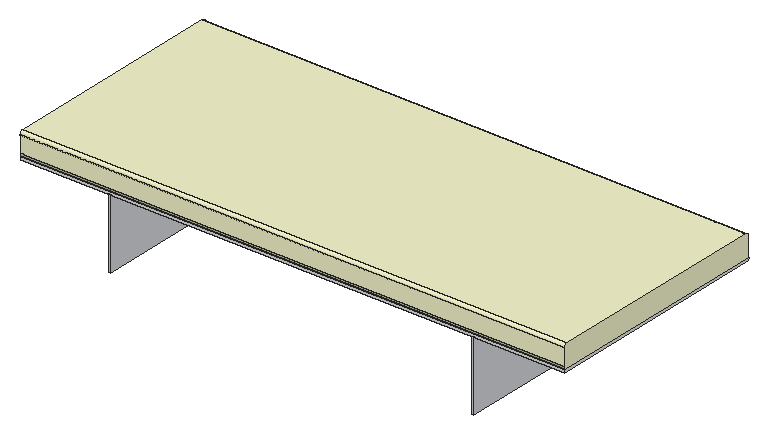
Revit family "Track-LivingDivani", category Furniture, Revit 2014
Parameters (values of type "Profondità 80cm")
  URL = "http://www.livingdivani.it"
  Profondità = 80 cm
  Model = "Track"
  Mat. Tessuto = Linen, Beige
  Mat. Struttura = Steel, Polished
  Manufacturer = "Living Divani"
  Larghezza = 190 cm
  Description = ""
  Codice prodotto = "TRAF190"
  80 = and(Profondità < 81 cm, Profondità > 79 cm)  # yes
  55 = Profondità < 56 cm  # no
  180 = Profondità > 159 cm  # no
Types (3, lengths in cm): name | Profondità | Codice prodotto | 80 | 55 | 180
  Profondità 55cm | 55 | "TRAF055" | no | yes | no
  Profondità 160cm | 160 | "TRAF19016" | no | no | yes
  Profondità 80cm | 80 | "TRAF190" | yes | no | no
Reference planes (cm)
  plane 1: z = 0
  plane 2 "Centro (Sinistra/Destra)": x = 0
  plane 3: x = -95
  plane 4: x = 95
  plane 5: y = -18.5
  plane 6: z = 25
  plane 7 "a": z = 33
  plane 8: y = -98.5
  plane 9: y = -71.8333
  plane 10: y = -85.1667
  plane 11: x = -63.3333
  plane 12: x = -31.6667
  plane 13: y = -45.1667
  plane 14: y = -31.8333
  plane 15: y = -58.5
  plane 16: x = 31.6667
  plane 17: x = 63.3333
Forms (cm)
  Extrusion 1, solid, material "Linen, White", not visible
    sketch origin (0, 0, 0) x (1, 0, 0) y (0, 0, 1)
      loop
        line (-85, 18) -> (-85, 29.1823)
        arc (-85, 29.1823) -> (-80.169, 48.2596) -> (-84.4597, 67.4656) r 42.4528
        arc (-84.4597, 67.4656) -> (-85.5057, 68.8949) -> (-86.9843, 69.8699) r 5
        arc (-86.9843, 69.8699) -> (-93.3299, 70.9774) -> (-99.4999, 69.1268) r 14.0026
        arc (-99.4999, 69.1268) -> (-99.866, 68.7608) -> (-100, 68.2607) r 1
        line (-100, 68.2607) -> (-100, 18) -> (-85, 18)
    from -55 to 28.969
  Extrusion 2, void, not visible
    sketch origin (0, 0, 0) x (1, 0, 0) y (0, 1, 0)
      loop
        line (-78.5519, 33.5519) -> (-78.5519, 56.4969) -> (-100, 56.4969) -> (-100, 55) -> (-78.5519, 33.5519)
    from 0 to 88.2421
  Extrusion 3, solid, material "Linen, White", not visible
    sketch origin (0, 0, 0) x (-1, 0, 0) y (0, 0, -1)
      loop
        line (-85, -18) -> (-100, -18) -> (-100, -68.2607)
        arc (-100, -68.2607) -> (-99.866, -68.7608) -> (-99.4999, -69.1268) r 1
        arc (-99.4999, -69.1268) -> (-93.3299, -70.9774) -> (-86.9843, -69.8699) r 14.0026
        arc (-86.9843, -69.8699) -> (-85.5057, -68.8949) -> (-84.4597, -67.4656) r 5
        arc (-84.4597, -67.4656) -> (-80.169, -48.2596) -> (-85, -29.1823) r 42.4528
        line (-85, -29.1823) -> (-85, -18)
    from -55 to 28.969
  Extrusion 4, void, not visible
    sketch origin (0, 0, 0) x (-1, 0, 0) y (0, -1, 0)
      loop
        line (-78.5519, -33.5519) -> (-100, -55) -> (-100, -56.4969) -> (-78.5519, -56.4969) -> (-78.5519, -33.5519)
    from 0 to 88.2421
  Extrusion 5, solid, material "Steel, Polished" <- "Mat. Struttura", not visible
    sketch origin (-45, 0, 0) x (0, 1, 0) y (0, 0, 1)
      loop
        line (-3.5, 81.1034) -> (-46, 81.1034) -> (-46, 77.1034) -> (-1, 68.1034) -> (-1, 78.6034)
        arc (-1, 78.6034) -> (-1.7322, 80.3712) -> (-3.5, 81.1034) r 2.5
    from 0 to 1
  Extrusion 6, solid, material "Steel, Polished" <- "Mat. Struttura", not visible
    sketch origin (45, 0, 0) x (0, 1, 0) y (0, 0, -1)
      loop
        arc (-3.5, -81.1034) -> (-1.7322, -80.3712) -> (-1, -78.6034) r 2.5
        line (-1, -78.6034) -> (-1, -68.1034) -> (-46, -77.1034) -> (-46, -81.1034) -> (-3.5, -81.1034)
    from 0 to 1
  Extrusion 7, solid, material "Steel, Polished" <- "Mat. Struttura", not visible
    sketch origin (0, 0, 0) x (0, 1, 0) y (0, 0, 1)
      loop
        line (-1, 68.1034) -> (-1, 78.6034)
        arc (-1, 78.6034) -> (-1.7322, 80.3712) -> (-3.5, 81.1034) r 2.5
        line (-3.5, 81.1034) -> (-46, 81.1034) -> (-46, 77.1034) -> (-45.5, 77.0034) -> (-45.5, 80.6034) -> (-3.5, 80.6034)
        arc (-3.5, 80.6034) -> (-2.0858, 80.0176) -> (-1.5, 78.6034) r 2
        line (-1.5, 78.6034) -> (-1.5, 68.2034) -> (-1, 68.1034)
    from -44 to 44
  Extrusion 8, solid, material "Steel, Polished" <- "Mat. Struttura", not visible
    sketch origin (0, 78.6034, 81.6034) x (0, 0, 1) y (0, -1, 0)
      loop
        line (-13.4, 80.1034) -> (-12.9, 80.1034) -> (-8.9777, 99.715) -> (-9.4777, 99.715) -> (-13.4, 80.1034)
    from -44 to 44
  Extrusion 9, solid, material "Steel, Polished" <- "Mat. Struttura", not visible
    sketch origin (0, 78.6034, 84.6034) x (0, 0, 1) y (0, -1, 0)
      loop
        line (-13.4, 80.1034) -> (-12.9, 80.1034) -> (-7.8875, 105.1661) -> (-8.3875, 105.1661) -> (-13.4, 80.1034)
    from -44 to 44
  Extrusion 10, solid, material "Steel, Polished" <- "Mat. Struttura", not visible
    sketch origin (-45, 0, 0) x (0, 1, 0) y (0, 0, 1)
      loop
        line (-3.5, 81.1034) -> (-46, 81.1034) -> (-46, 77.1034) -> (-1, 68.1034) -> (-1, 78.6034)
        arc (-1, 78.6034) -> (-1.7322, 80.3712) -> (-3.5, 81.1034) r 2.5
    from 0 to 1
  Extrusion 11, solid, material "Steel, Polished" <- "Mat. Struttura", not visible
    sketch origin (45, 0, 0) x (0, 1, 0) y (0, 0, -1)
      loop
        arc (-3.5, -81.1034) -> (-1.7322, -80.3712) -> (-1, -78.6034) r 2.5
        line (-1, -78.6034) -> (-1, -68.1034) -> (-46, -77.1034) -> (-46, -81.1034) -> (-3.5, -81.1034)
    from 0 to 1
  Extrusion 12, solid, material "Steel, Polished" <- "Mat. Struttura", not visible
    sketch origin (0, 0, 0) x (0, 1, 0) y (0, 0, 1)
      loop
        line (-1, 68.1034) -> (-1, 78.6034)
        arc (-1, 78.6034) -> (-1.7322, 80.3712) -> (-3.5, 81.1034) r 2.5
        line (-3.5, 81.1034) -> (-46, 81.1034) -> (-46, 77.1034) -> (-45.5, 77.0034) -> (-45.5, 80.6034) -> (-3.5, 80.6034)
        arc (-3.5, 80.6034) -> (-2.0858, 80.0176) -> (-1.5, 78.6034) r 2
        line (-1.5, 78.6034) -> (-1.5, 68.2034) -> (-1, 68.1034)
    from -44 to 44
  Extrusion 13, solid, material "Steel, Polished" <- "Mat. Struttura", not visible
    sketch origin (0, 78.6034, 81.6034) x (0, 0, 1) y (0, -1, 0)
      loop
        line (-13.4, 80.1034) -> (-12.9, 80.1034) -> (-8.9777, 99.715) -> (-9.4777, 99.715) -> (-13.4, 80.1034)
    from -44 to 44
  Extrusion 14, solid, material "Steel, Polished" <- "Mat. Struttura", not visible
    sketch origin (0, 78.6034, 84.6034) x (0, 0, 1) y (0, -1, 0)
      loop
        line (-13.4, 80.1034) -> (-12.9, 80.1034) -> (-7.8875, 105.1661) -> (-8.3875, 105.1661) -> (-13.4, 80.1034)
    from -44 to 44
  Extrusion 15, solid, material "Linen, Beige" <- "Mat. Tessuto"
    sketch origin (-95, -133, 0) x (0, 1, 0) y (0, 0, 1)
      loop
        arc (113.5, 25) -> (114.2071, 25.2929) -> (114.5, 26) r 1
        line (114.5, 26) -> (114.5, 32)
        arc (114.5, 32) -> (114.2071, 32.7071) -> (113.5, 33) r 1
        line (113.5, 33) -> (35.5, 33)
        arc (35.5, 33) -> (34.7929, 32.7071) -> (34.5, 32) r 1
        line (34.5, 32) -> (34.5, 26)
        arc (34.5, 26) -> (34.7929, 25.2929) -> (35.5, 25) r 1
        line (35.5, 25) -> (113.5, 25)
    from 0 to 190
  Extrusion 16, solid, material "Steel, Polished" <- "Mat. Struttura"
    sketch origin (0, 0, 0) x (0, 1, 0) y (0, 0, 1)
      loop
        line (-98.5, 24.2) -> (-18.5, 24.2) -> (-18.5, 25) -> (-98.5, 25) -> (-98.5, 24.2)
    from -95 to 95
  Extrusion 17, solid
    sketch origin (0, 4.5879, 33) x (0, 1, 0) y (-1, 0, 0)
      loop
        line (-23.0879, 63.3333) -> (-23.0879, 64.1333) -> (-103.0879, 64.1333) -> (-103.0879, 63.3333) -> (-23.0879, 63.3333)
    from -33 to -8.8
  Extrusion 18, solid
    sketch origin (0, 4.5879, 33) x (0, 1, 0) y (-1, 0, 0)
      loop
        line (-23.0879, -63.3333) -> (-23.0879, -62.5333) -> (-103.0879, -62.5333) -> (-103.0879, -63.3333) -> (-23.0879, -63.3333)
    from -33 to -8.8
Lines and regions (cm)
  model lines, not visible
    curve 1: arc (142.5, 40, 40.4063) -> (142.5, -7.7258, 44.8408) -> (142.5, -55.6482, 43.9108) r 427.9768
    curve 2: arc (142.5, -55.6482, 43.9108) -> (142.5, -56.9941, 43.3917) -> (142.5, -57.8292, 42.2153) r 2.5
    curve 3: arc (142.5, -57.8292, 42.2153) -> (142.5, -58.6593, 36.9132) -> (142.5, -57.6808, 31.6365) r 15.9229
    curve 4: arc (142.5, -57.6808, 31.6365) -> (142.5, -56.765, 30.4495) -> (142.5, -55.3347, 30) r 2.5
    curve 5: line (350.8333, 40.8327, 61.8833) -> (350.8333, 44.8452, 76.858)
    curve 6: arc (350.8333, 19.2897, 45.6161) -> (350.8333, 23.0144, 61.3242) -> (350.8333, 28.8022, 76.3947) r 120.6881
    curve 7: line (350.8333, 42.4245, 80.0128) -> (350.8333, 34.5369, 80.0128)
    curve 8: arc (350.8333, 42.4245, 80.0128) -> (350.8333, 44.4127, 79.0323) -> (350.8333, 44.8452, 76.858) r 2.5061
    curve 9: arc (350.8333, 34.5369, 80.0128) -> (350.8333, 31.1465, 79.0327) -> (350.8333, 28.8022, 76.3947) r 6.3538
    curve 10: arc (350.8333, 21.3758, 42.8725) -> (350.8333, 19.7398, 43.7934) -> (350.8333, 19.2897, 45.6161) r 2.3659
    curve 11: arc (457.5, -41.1808, 29.528) -> (457.5, -40.2346, 28.4157) -> (457.5, -38.8347, 28) r 2.5652
    curve 12: arc (457.5, -41.3292, 42.2606) -> (457.5, -42.5488, 35.8792) -> (457.5, -41.1808, 29.528) r 16.3119
    curve 13: arc (457.5, -39.1482, 43.8503) -> (457.5, -40.4656, 43.3667) -> (457.5, -41.3292, 42.2606) r 2.5564
    curve 14: arc (457.5, 34.91, 41.2077) -> (457.5, -2.0467, 44.5571) -> (457.5, -39.1482, 43.8503) r 339.2674
    curve 15: arc (643.4167, 44.0083, 75.2794) -> (643.4167, 37.8383, 77.13) -> (643.4167, 31.4927, 76.0225) r 14.0026
    curve 16: arc (643.4167, 31.4927, 76.0225) -> (643.4167, 30.0141, 75.0475) -> (643.4167, 28.9681, 73.6182) r 5
    curve 17: arc (643.4167, 44.5084, 74.4133) -> (643.4167, 44.3744, 74.9134) -> (643.4167, 44.0083, 75.2794) r 1
    curve 18: line (643.4167, 44.5084, 24.1526) -> (643.4167, 44.5084, 74.4133)
    curve 19: arc (15, 39.4597, 67.4656) -> (15, 35.169, 48.2596) -> (15, 40, 29.1823) r 42.4528
    curve 20: arc (15, 41.9843, 69.8699) -> (15, 40.5057, 68.8949) -> (15, 39.4597, 67.4656) r 5
    curve 21: line (15, 55, 18) -> (15, 55, 68.2607)
    curve 22: arc (15, 55, 68.2607) -> (15, 54.866, 68.7608) -> (15, 54.4999, 69.1268) r 1
    curve 23: arc (15, 54.4999, 69.1268) -> (15, 48.3299, 70.9774) -> (15, 41.9843, 69.8699) r 14.0026
    curve 24: arc (0, -28.969, 37.1636) -> (0, -30.2309, 36.4485) -> (0, -30.8835, 35.1531) r 2.5
    curve 25: arc (0, 39.8911, 33.442) -> (0, 5.6044, 37.9554) -> (0, -28.969, 37.1636) r 225.0994
    curve 26: arc (0, -30.8835, 35.1531) -> (0, -31.5326, 27.5955) -> (0, -30.8835, 20.0379) r 44.3218
    curve 27: arc (0, -30.8835, 35.1531) -> (0, -31.5326, 27.5955) -> (0, -30.8835, 20.0379) r 44.3218
    curve 28: arc (91.6667, 39.8911, 38.442) -> (91.6667, 5.6044, 42.9554) -> (91.6667, -28.969, 42.1636) r 225.0994
    curve 29: arc (91.6667, -28.969, 42.1636) -> (91.6667, -30.2309, 41.4485) -> (91.6667, -30.8835, 40.1531) r 2.5
    curve 30: arc (91.6667, -30.8835, 40.1531) -> (91.6667, -31.5326, 32.5955) -> (91.6667, -30.8835, 25.0379) r 44.3218
    curve 31: arc (91.6667, -30.8835, 25.0379) -> (91.6667, -30.0394, 23.5895) -> (91.6667, -28.4701, 23) r 2.5
    curve 32: arc (643.4167, 29.3984, 39.5948) -> (643.4167, 25.1951, 57.0411) -> (643.4167, 29.3984, 74.4873) r 38.3075
    curve 33: arc (0, 54.4376, 69.1638) -> (0, 48.2677, 71.0144) -> (0, 41.9221, 69.9069) r 14.0026
    curve 34: arc (0, 41.9221, 69.9069) -> (0, 40.4434, 68.9319) -> (0, 39.3974, 67.5026) r 5
    curve 35: arc (0, 54.9377, 68.2977) -> (0, 54.8037, 68.7978) -> (0, 54.4376, 69.1638) r 1
    curve 36: line (0, 54.9377, 18.037) -> (0, 54.9377, 68.2977)
    curve 37: arc (0, 39.89, 33.4422) -> (0, 35.6867, 50.8419) -> (0, 39.8477, 68.2517) r 38.3075
    curve 53: arc (-31, -75.9326, 42.2836) -> (-31, -78.0974, 41.4294) -> (-31, -79, 39.2844) r 3
    curve 54: line (-31, 20.5225, 40.5213) -> (-31, -75.9326, 42.2836)
    curve 55: line (-31, -79, 39.2844) -> (-31, -79, 31)
    curve 56: arc (-31, -79, 31) -> (-31, -78.1213, 28.8787) -> (-31, -76, 28) r 3
    curve 57: line (31, 20.5225, 40.5213) -> (31, -75.9326, 42.2836)
    curve 58: arc (31, -75.9326, 42.2836) -> (31, -78.0974, 41.4294) -> (31, -79, 39.2844) r 3
    curve 59: line (31, -79, 39.2844) -> (31, -79, 31)
    curve 60: arc (31, -79, 31) -> (31, -78.1213, 28.8787) -> (31, -76, 28) r 3
    curve 61: line (0, 20.5225, 40.5213) -> (0, -75.9326, 42.2836)
    curve 62: arc (0, -75.9326, 42.2836) -> (0, -78.0974, 41.4294) -> (0, -79, 39.2844) r 3
    curve 63: line (0, -79, 39.2844) -> (0, -79, 31)
    curve 64: arc (-31, 41, 69) -> (-31, 40.4142, 70.4142) -> (-31, 39, 71) r 2
    curve 65: arc (-31, 21.5, 39.994) -> (-31, 23.8297, 56.2597) -> (-31, 33.3493, 69.6529) r 34.8726
    curve 66: arc (-31, 33.3493, 69.6529) -> (-31, 35.0306, 70.6522) -> (-31, 36.9554, 71) r 5.5
    curve 67: arc (31, 21.5, 39.994) -> (31, 23.8297, 56.2597) -> (31, 33.3493, 69.6529) r 34.8726
    curve 68: arc (31, 33.3493, 69.6529) -> (31, 35.0306, 70.6522) -> (31, 36.9554, 71) r 5.5
    curve 69: arc (31, 39, 71) -> (31, 40.4142, 70.4142) -> (31, 41, 69) r 2
    curve 70: arc (0, 21.5, 39.994) -> (0, 23.8297, 56.2597) -> (0, 33.3493, 69.6529) r 34.8726
    curve 71: arc (0, 33.3493, 69.6529) -> (0, 35.0306, 70.6522) -> (0, 36.9554, 71) r 5.5
    curve 72: arc (0, 39, 71) -> (0, 40.4142, 70.4142) -> (0, 41, 69) r 2
  model lines, not visible, detail levels medium+fine
    curve 38: arc (-30.8, -9.9076, 41.7805) -> (-27.9845, -12.5677, 41.7805) -> (-24.2491, -13.5924, 41.7805) r 7.9959
    curve 39: arc (-24.2491, -6.2228, 41.7805) -> (-27.9845, -7.2475, 41.7805) -> (-30.8, -9.9076, 41.7805) r 7.9959
    curve 40: arc (-30.8, -9.9076, 41.7805) -> (-33.6155, -7.2475, 41.7805) -> (-37.3509, -6.2228, 41.7805) r 7.9959
    curve 41: arc (-37.3509, -13.5924, 41.7805) -> (-33.6155, -12.5677, 41.7805) -> (-30.8, -9.9076, 41.7805) r 7.9959
    curve 42: line (-31.6, -9.9076, 41.7805) -> (-30, -9.9076, 41.7805)
    curve 43: arc (-16, -25.4076, 41.7805) -> (-13.1845, -28.0677, 41.7805) -> (-9.4491, -29.0924, 41.7805) r 7.9959
    curve 44: arc (-9.4491, -21.7228, 41.7805) -> (-13.1845, -22.7475, 41.7805) -> (-16, -25.4076, 41.7805) r 7.9959
    curve 45: arc (-16, -25.4076, 41.7805) -> (-18.8155, -22.7475, 41.7805) -> (-22.5509, -21.7228, 41.7805) r 7.9959
    curve 46: arc (-22.5509, -29.0924, 41.7805) -> (-18.8155, -28.0677, 41.7805) -> (-16, -25.4076, 41.7805) r 7.9959
    curve 47: line (-16.8, -25.4076, 41.7805) -> (-15.2, -25.4076, 41.7805)
    curve 48: arc (-16, 5.5924, 41.7805) -> (-13.1845, 2.9323, 41.7805) -> (-9.4491, 1.9076, 41.7805) r 7.9959
    curve 49: arc (-9.4491, 9.2772, 41.7805) -> (-13.1845, 8.2525, 41.7805) -> (-16, 5.5924, 41.7805) r 7.9959
    curve 50: arc (-16, 5.5924, 41.7805) -> (-18.8155, 8.2525, 41.7805) -> (-22.5509, 9.2772, 41.7805) r 7.9959
    curve 51: arc (-22.5509, 1.9076, 41.7805) -> (-18.8155, 2.9323, 41.7805) -> (-16, 5.5924, 41.7805) r 7.9959
    curve 52: line (-16.8, 5.5924, 41.7805) -> (-15.2, 5.5924, 41.7805)
    curve 73: arc (-30.8, -45.4076, 41.7805) -> (-27.9845, -48.0677, 41.7805) -> (-24.2491, -49.0924, 41.7805) r 7.9959
    curve 74: arc (-24.2491, -41.7228, 41.7805) -> (-27.9845, -42.7475, 41.7805) -> (-30.8, -45.4076, 41.7805) r 7.9959
    curve 75: arc (-30.8, -45.4076, 41.7805) -> (-33.6155, -42.7475, 41.7805) -> (-37.3509, -41.7228, 41.7805) r 7.9959
    curve 76: arc (-37.3509, -49.0924, 41.7805) -> (-33.6155, -48.0677, 41.7805) -> (-30.8, -45.4076, 41.7805) r 7.9959
    curve 77: line (-31.6, -45.4076, 41.7805) -> (-30, -45.4076, 41.7805)
    curve 78: arc (-16, -60.9076, 41.7805) -> (-13.1845, -63.5677, 41.7805) -> (-9.4491, -64.5924, 41.7805) r 7.9959
    curve 79: arc (-9.4491, -57.2228, 41.7805) -> (-13.1845, -58.2475, 41.7805) -> (-16, -60.9076, 41.7805) r 7.9959
    curve 80: arc (-16, -60.9076, 41.7805) -> (-18.8155, -58.2475, 41.7805) -> (-22.5509, -57.2228, 41.7805) r 7.9959
    curve 81: arc (-22.5509, -64.5924, 41.7805) -> (-18.8155, -63.5677, 41.7805) -> (-16, -60.9076, 41.7805) r 7.9959
    curve 82: line (-16.8, -60.9076, 41.7805) -> (-15.2, -60.9076, 41.7805)
  model lines, style "elemento", not visible, detail levels medium+fine
    curve 83: arc (-28.6536, -18.7333, 27.5) -> (-29.3433, -17.6727, 27.5) -> (-30.2945, -16.8387, 27.5) r 4.6251
    curve 84: arc (-28.6536, -19.4404, 27.5) -> (-29.7271, -20.114, 27.5) -> (-30.5624, -21.0671, 27.5) r 4.3726
    curve 85: arc (-26.3055, -16.8387, 27.5) -> (-27.2567, -17.6727, 27.5) -> (-27.9464, -18.7333, 27.5) r 4.6251
    curve 86: arc (-26.0376, -21.0671, 27.5) -> (-26.8729, -20.114, 27.5) -> (-27.9464, -19.4404, 27.5) r 4.3726
    curve 87: arc (-14.5036, -2.7333, 27.5) -> (-15.1933, -1.6727, 27.5) -> (-16.1445, -0.8387, 27.5) r 4.6251
    curve 88: arc (-14.5036, -3.4404, 27.5) -> (-15.5771, -4.114, 27.5) -> (-16.4124, -5.0671, 27.5) r 4.3726
    curve 89: arc (-12.1555, -0.8387, 27.5) -> (-13.1067, -1.6727, 27.5) -> (-13.7964, -2.7333, 27.5) r 4.6251
    curve 90: arc (-11.8876, -5.0671, 27.5) -> (-12.7229, -4.114, 27.5) -> (-13.7964, -3.4404, 27.5) r 4.3726
    curve 91: arc (-16.1445, -37.335, 27.5) -> (-15.1933, -36.501, 27.5) -> (-14.5036, -35.4404, 27.5) r 4.6251
    curve 92: arc (-16.4124, -33.1066, 27.5) -> (-15.5771, -34.0597, 27.5) -> (-14.5036, -34.7333, 27.5) r 4.3726
    curve 93: arc (-13.7964, -35.4404, 27.5) -> (-13.1067, -36.501, 27.5) -> (-12.1555, -37.335, 27.5) r 4.6251
    curve 94: arc (-13.7964, -34.7333, 27.5) -> (-12.7229, -34.0597, 27.5) -> (-11.8876, -33.1066, 27.5) r 4.3726
    curve 95: line (-27.95, -19.0868, 27.5) -> (-28.65, -19.0868, 27.5)
    curve 96: line (-13.8, -3.0868, 27.5) -> (-14.5, -3.0868, 27.5)
    curve 97: line (-13.8, -35.0868, 27.5) -> (-14.5, -35.0868, 27.5)
Dimensions and locks (cm)
  equal spacing: plane 3, plane 2 "Centro (Sinistra/Destra)", plane 4
  "Larghezza": plane 3 to plane 4
  "Profondità": plane 5 to plane 8
  equal spacing: plane 5, plane 14, plane 13, plane 15, plane 9, plane 10, plane 8
  plane 3 to plane 11 to plane 12 to plane 2 "Centro (Sinistra/Destra)" to plane 16 to plane 17 to plane 4 = 31.6667 cm, 31.6667 cm, 31.6667 cm, 31.6667 cm, 31.6667 cm, 31.6667 cm
  locked: Extrusion 17 sketch curve to Extrusion 17 sketch curve at 0.8
  locked: Extrusion 18 sketch curve to Extrusion 18 sketch curve at 0.8
  aligned and locked: level to plane 1
  aligned and locked: Extrusion 15 to plane 3
  aligned and locked: Extrusion 15 to plane 4
  aligned and locked: plane 7 "a" to Extrusion 15
  aligned and locked: Extrusion 16 to plane 4
  aligned and locked: Extrusion 16 to plane 3
  aligned and locked: plane 8 to Extrusion 17 sketch curve
  aligned and locked: plane 5 to Extrusion 17 sketch curve
  aligned and locked: plane 5 to Extrusion 18 sketch curve
  aligned and locked: Extrusion 18 sketch curve to plane 8
Automatic sketch dimensions
  Extrusion 15 sketch curve to plane 8 = 0 cm
  Extrusion 15 sketch curve to plane 6 = 0 cm
  Extrusion 15 sketch curve to plane 7 "a" = 0 cm
  Extrusion 15 sketch curve to plane 5 = 0 cm
  Extrusion 15 sketch curve to Extrusion 15 sketch curve = 1 cm  (x3)
  Extrusion 15 sketch curve to plane 7 "a" = 1 cm
  Extrusion 16 sketch curve to plane 6 = 0 cm
  Extrusion 16 sketch curve to plane 8 = 0 cm
  Extrusion 16 sketch curve to plane 5 = 0 cm
  plane 6 to Extrusion 16 sketch curve = 0.8 cm
  Extrusion 17 sketch curve to plane 11 = 0 cm
  Extrusion 18 sketch curve to plane 17 = 0 cm
Nested families (cm)
  nested 1: "cucitura 55" at (-64, -46, 33), visible <- "55", type "Libreria"
  nested 2: "bordo sx 55" at (-32, -46, 33), visible <- "55", type "Libreria"
  nested 3: "bordo sx 55" at (0, -46, 33), visible <- "55", type "Libreria"
  nested 4: "bordo sx 55" at (32, -46, 33), visible <- "55", type "Libreria"
  nested 5: "cucitura 55 dx" at (64, -46, 33), visible <- "55", type "Libreria"
  nested 6: "cucitura 80" at (-32, -45, 33), visible <- "80", type "Libreria"
  nested 7: "cucitura 80" at (-32, -73.5, 33), visible <- "80", type "Libreria"
  nested 8: "cucitura 80 sx" at (-64, -45, 33), visible <- "80", type "Libreria"
  nested 9: "cucitura 80 sx" at (-64, -73.5, 33), visible <- "80", type "Libreria"
  nested 10: "cucitura 80 dx" at (64, -45, 33), visible <- "80", type "Libreria"
  nested 11: "cucitura 80 dx" at (64, -73.5, 33), visible <- "80", type "Libreria"
  nested 12: "cucitura 80" at (0, -45, 33), visible <- "80", type "Libreria"
  nested 13: "cucitura 80" at (0, -73.5, 33), visible <- "80", type "Libreria"
  nested 14: "cucitura 80" at (32, -45, 33), visible <- "80", type "Libreria"
  nested 15: "cucitura 80" at (32, -73.5, 33), visible <- "80", type "Libreria"
  nested 16: "cucitura 160 basso sx" at (-64, -152, 33), visible <- "180", type "Libreria"
  nested 17: "160sx" at (-64, -125.5, 33), visible <- "180", type "Libreria"
  nested 18: "160sx" at (-64, -98.5, 33), visible <- "180", type "Libreria"
  nested 19: "160 alto sx" at (-64, -71.5, 33), visible <- "180", type "Libreria"
  nested 20: "160 alto sx" at (-64, -44, 33), visible <- "180", type "Libreria"
  nested 21: "cucitura 160" at (-32, -98.5, 33), visible <- "180", type "Libreria"
  nested 22: "cucitura 160" at (-32, -125.5, 33), visible <- "180", type "Libreria"
  nested 23: "cucitura 160" at (-32, -71.5, 33), visible <- "180", type "Libreria"
  nested 24: "cucitura 160" at (0, -98.5, 33), visible <- "180", type "Libreria"
  nested 25: "cucitura 160" at (0, -125.5, 33), visible <- "180", type "Libreria"
  nested 26: "cucitura 160" at (0, -71.5, 33), visible <- "180", type "Libreria"
  nested 27: "cucitura 160" at (32, -98.5, 33), visible <- "180", type "Libreria"
  nested 28: "cucitura 160" at (32, -125.5, 33), visible <- "180", type "Libreria"
  nested 29: "cucitura 160" at (32, -71.5, 33), visible <- "180", type "Libreria"
  nested 30: "160alto" at (-32, -44, 33), visible <- "180", type "Libreria"
  nested 31: "160alto" at (0, -44, 33), visible <- "180", type "Libreria"
  nested 32: "160alto" at (32, -44, 33), visible <- "180", type "Libreria"
  nested 33: "160 sotto" at (-32, -152, 33), visible <- "180", type "Libreria"
  nested 34: "160 sotto" at (0, -152, 33), visible <- "180", type "Libreria"
  nested 35: "160 sotto" at (32, -152, 33), visible <- "180", type "Libreria"
  nested 36: "160 basso dx" at (64, -152, 33), visible <- "180", type "Libreria"
  nested 37: "160 alto dx" at (64, -44, 33), visible <- "180", type "Libreria"
  nested 38: "160dx" at (64, -71.5, 33), visible <- "180", type "Libreria"
  nested 39: "160dx" at (64, -98.5, 33), visible <- "180", type "Libreria"
  nested 40: "160dx" at (64, -125.5, 33), visible <- "180", type "Libreria"
Definition of nested family "cucitura 55"
  Parameters (values of type "Libreria")
    URL = "http://www.livingdivani.it"
    Model = "Track"
    Mat. Struttura = Zinc
    Manufacturer = "LivingDivani"
    Codice prodotto = ""
  Reference planes (cm)
    plane 1 "Centro (Fronte/Retro)": y = 0
    plane 2: z = 0
    plane 3 "Centro (Sinistra/Destra)": x = 0
  Lines and regions (cm)
    model lines
      curve 1: line (2, 0, 0) -> (30, 0, 0)
      curve 2: line (-31, 0, 0) -> (-2, 0, 0)
      curve 3: line (0, -27.5, 0) -> (0, -2, 0)
      curve 4: line (0, 2, 0) -> (0, 27.5, 0)
  Dimensions and locks (cm)
    aligned and locked: level to plane 2
    aligned and locked: plane 1 "Centro (Fronte/Retro)" to curve 2
    aligned and locked: plane 1 "Centro (Fronte/Retro)" to curve 1
    aligned and locked: plane 3 "Centro (Sinistra/Destra)" to curve 3
Definition of nested family "bordo sx 55"
  Parameters (values of type "Libreria")
    URL = "http://www.livingdivani.it"
    Model = "Track"
    Mat. Struttura = Zinc
    Manufacturer = "LivingDivani"
    Codice prodotto = ""
  Reference planes (cm)
    plane 1 "Centro (Fronte/Retro)": y = 0
    plane 2: z = 0
    plane 3 "Centro (Sinistra/Destra)": x = 0
  Lines and regions (cm)
    model lines
      curve 1: line (2, 0, 0) -> (30, 0, 0)
      curve 2: line (-30, 0, 0) -> (-2, 0, 0)
      curve 3: line (0, -27.5, 0) -> (0, -2, 0)
      curve 4: line (0, 2, 0) -> (0, 27.5, 0)
  Dimensions and locks (cm)
    aligned and locked: level to plane 2
    aligned and locked: plane 1 "Centro (Fronte/Retro)" to curve 2
    aligned and locked: plane 1 "Centro (Fronte/Retro)" to curve 1
    aligned and locked: plane 3 "Centro (Sinistra/Destra)" to curve 3
Definition of nested family "cucitura 55 dx"
  Parameters (values of type "Libreria")
    URL = "http://www.livingdivani.it"
    Model = "Track"
    Mat. Struttura = Zinc
    Manufacturer = "LivingDivani"
    Codice prodotto = ""
  Reference planes (cm)
    plane 1 "Centro (Fronte/Retro)": y = 0
    plane 2: z = 0
    plane 3 "Centro (Sinistra/Destra)": x = 0
  Lines and regions (cm)
    model lines
      curve 1: line (2, 0, 0) -> (31, 0, 0)
      curve 2: line (-30, 0, 0) -> (-2, 0, 0)
      curve 3: line (0, -27.5, 0) -> (0, -2, 0)
      curve 4: line (0, 2, 0) -> (0, 27.5, 0)
  Dimensions and locks (cm)
    aligned and locked: level to plane 2
    aligned and locked: plane 1 "Centro (Fronte/Retro)" to curve 2
    aligned and locked: plane 1 "Centro (Fronte/Retro)" to curve 1
    aligned and locked: plane 3 "Centro (Sinistra/Destra)" to curve 3
Definition of nested family "cucitura 80"
  Parameters (values of type "Libreria")
    URL = "http://www.livingdivani.it"
    Model = "Track"
    Mat. Struttura = Zinc
    Manufacturer = "LivingDivani"
    Codice prodotto = ""
  Reference planes (cm)
    plane 1 "Centro (Fronte/Retro)": y = 0
    plane 2: z = 0
    plane 3 "Centro (Sinistra/Destra)": x = 0
  Lines and regions (cm)
    model lines
      curve 1: line (2, 0, 0) -> (30, 0, 0)
      curve 2: line (-30, 0, 0) -> (-2, 0, 0)
      curve 3: line (0, -25, 0) -> (0, -2, 0)
      curve 4: line (0, 2, 0) -> (0, 26.5, 0)
  Dimensions and locks (cm)
    aligned and locked: level to plane 2
    aligned and locked: plane 1 "Centro (Fronte/Retro)" to curve 2
    aligned and locked: plane 1 "Centro (Fronte/Retro)" to curve 1
    aligned and locked: plane 3 "Centro (Sinistra/Destra)" to curve 3
Definition of nested family "cucitura 80 sx"
  Parameters (values of type "Libreria")
    URL = "http://www.livingdivani.it"
    Model = "Track"
    Mat. Struttura = Zinc
    Manufacturer = "LivingDivani"
    Codice prodotto = ""
  Reference planes (cm)
    plane 1 "Centro (Fronte/Retro)": y = 0
    plane 2: z = 0
    plane 3 "Centro (Sinistra/Destra)": x = 0
  Lines and regions (cm)
    model lines
      curve 1: line (2, 0, 0) -> (30, 0, 0)
      curve 2: line (-31, 0, 0) -> (-2, 0, 0)
      curve 3: line (0, -25, 0) -> (0, -2, 0)
      curve 4: line (0, 2, 0) -> (0, 26.5, 0)
  Dimensions and locks (cm)
    aligned and locked: level to plane 2
    aligned and locked: plane 1 "Centro (Fronte/Retro)" to curve 2
    aligned and locked: plane 1 "Centro (Fronte/Retro)" to curve 1
    aligned and locked: plane 3 "Centro (Sinistra/Destra)" to curve 3
Definition of nested family "cucitura 80 dx"
  Parameters (values of type "Libreria")
    URL = "http://www.livingdivani.it"
    Model = "Track"
    Mat. Struttura = Zinc
    Manufacturer = "LivingDivani"
    Codice prodotto = ""
  Reference planes (cm)
    plane 1 "Centro (Fronte/Retro)": y = 0
    plane 2: z = 0
    plane 3 "Centro (Sinistra/Destra)": x = 0
  Lines and regions (cm)
    model lines
      curve 1: line (2, 0, 0) -> (31, 0, 0)
      curve 2: line (-30, 0, 0) -> (-2, 0, 0)
      curve 3: line (0, -25, 0) -> (0, -2, 0)
      curve 4: line (0, 2, 0) -> (0, 26.5, 0)
  Dimensions and locks (cm)
    aligned and locked: level to plane 2
    aligned and locked: plane 1 "Centro (Fronte/Retro)" to curve 2
    aligned and locked: plane 1 "Centro (Fronte/Retro)" to curve 1
    aligned and locked: plane 3 "Centro (Sinistra/Destra)" to curve 3
Definition of nested family "cucitura 160 basso sx"
  Parameters (values of type "Libreria")
    URL = "http://www.livingdivani.it"
    Model = "Track"
    Mat. Struttura = Zinc
    Manufacturer = "LivingDivani"
    Codice prodotto = ""
  Reference planes (cm)
    plane 1 "Centro (Fronte/Retro)": y = 0
    plane 2: z = 0
    plane 3 "Centro (Sinistra/Destra)": x = 0
  Lines and regions (cm)
    model lines
      curve 1: line (2, 0, 0) -> (30, 0, 0)
      curve 2: line (-31, 0, 0) -> (-2, 0, 0)
      curve 3: line (0, -26.5, 0) -> (0, -2, 0)
      curve 4: line (0, 1.5, 0) -> (0, 24.5, 0)
  Dimensions and locks (cm)
    aligned and locked: level to plane 2
    aligned and locked: plane 1 "Centro (Fronte/Retro)" to curve 2
    aligned and locked: plane 1 "Centro (Fronte/Retro)" to curve 1
    aligned and locked: plane 3 "Centro (Sinistra/Destra)" to curve 3
Definition of nested family "160sx"
  Parameters (values of type "Libreria")
    URL = "http://www.livingdivani.it"
    Model = "Track"
    Mat. Struttura = Zinc
    Manufacturer = "LivingDivani"
    Codice prodotto = ""
  Reference planes (cm)
    plane 1 "Centro (Fronte/Retro)": y = 0
    plane 2: z = 0
    plane 3 "Centro (Sinistra/Destra)": x = 0
  Lines and regions (cm)
    model lines
      curve 1: line (2, 0, 0) -> (30, 0, 0)
      curve 2: line (-31, 0, 0) -> (-2, 0, 0)
      curve 3: line (0, -25, 0) -> (0, -2, 0)
      curve 4: line (0, 2, 0) -> (0, 25, 0)
  Dimensions and locks (cm)
    aligned and locked: level to plane 2
    aligned and locked: plane 1 "Centro (Fronte/Retro)" to curve 2
    aligned and locked: plane 1 "Centro (Fronte/Retro)" to curve 1
    aligned and locked: plane 3 "Centro (Sinistra/Destra)" to curve 3
Definition of nested family "160 alto sx"
  Parameters (values of type "Libreria")
    URL = "http://www.livingdivani.it"
    Model = "Track"
    Mat. Struttura = Zinc
    Manufacturer = "LivingDivani"
    Codice prodotto = ""
  Reference planes (cm)
    plane 1 "Centro (Fronte/Retro)": y = 0
    plane 2: z = 0
    plane 3 "Centro (Sinistra/Destra)": x = 0
  Lines and regions (cm)
    model lines
      curve 1: line (2, 0, 0) -> (30, 0, 0)
      curve 2: line (-31, 0, 0) -> (-2, 0, 0)
      curve 3: line (0, -24.5, 0) -> (0, -1.5, 0)
      curve 4: line (0, 1.5, 0) -> (0, 25.5, 0)
  Dimensions and locks (cm)
    aligned and locked: level to plane 2
    aligned and locked: plane 1 "Centro (Fronte/Retro)" to curve 2
    aligned and locked: plane 1 "Centro (Fronte/Retro)" to curve 1
    aligned and locked: plane 3 "Centro (Sinistra/Destra)" to curve 3
Definition of nested family "cucitura 160"
  Parameters (values of type "Libreria")
    URL = "http://www.livingdivani.it"
    Model = "Track"
    Mat. Struttura = Zinc
    Manufacturer = "LivingDivani"
    Codice prodotto = ""
  Reference planes (cm)
    plane 1 "Centro (Fronte/Retro)": y = 0
    plane 2: z = 0
    plane 3 "Centro (Sinistra/Destra)": x = 0
  Lines and regions (cm)
    model lines
      curve 1: line (2, 0, 0) -> (30, 0, 0)
      curve 2: line (-30, 0, 0) -> (-2, 0, 0)
      curve 3: line (0, -25, 0) -> (0, -2, 0)
      curve 4: line (0, 2, 0) -> (0, 25, 0)
  Dimensions and locks (cm)
    aligned and locked: level to plane 2
    aligned and locked: plane 1 "Centro (Fronte/Retro)" to curve 2
    aligned and locked: plane 1 "Centro (Fronte/Retro)" to curve 1
    aligned and locked: plane 3 "Centro (Sinistra/Destra)" to curve 3
Definition of nested family "160alto"
  Parameters (values of type "Libreria")
    URL = "http://www.livingdivani.it"
    Model = "Track"
    Mat. Struttura = Zinc
    Manufacturer = "LivingDivani"
    Codice prodotto = ""
  Reference planes (cm)
    plane 1 "Centro (Fronte/Retro)": y = 0
    plane 2: z = 0
    plane 3 "Centro (Sinistra/Destra)": x = 0
  Lines and regions (cm)
    model lines
      curve 1: line (2, 0, 0) -> (30, 0, 0)
      curve 2: line (-30, 0, 0) -> (-2, 0, 0)
      curve 3: line (0, -25, 0) -> (0, -2, 0)
      curve 4: line (0, 1.5, 0) -> (0, 25.5, 0)
  Dimensions and locks (cm)
    aligned and locked: level to plane 2
    aligned and locked: plane 1 "Centro (Fronte/Retro)" to curve 2
    aligned and locked: plane 1 "Centro (Fronte/Retro)" to curve 1
    aligned and locked: plane 3 "Centro (Sinistra/Destra)" to curve 3
Definition of nested family "160 sotto"
  Parameters (values of type "Libreria")
    URL = "http://www.livingdivani.it"
    Model = "Track"
    Mat. Struttura = Zinc
    Manufacturer = "LivingDivani"
    Codice prodotto = ""
  Reference planes (cm)
    plane 1 "Centro (Fronte/Retro)": y = 0
    plane 2: z = 0
    plane 3 "Centro (Sinistra/Destra)": x = 0
  Lines and regions (cm)
    model lines
      curve 1: line (2, 0, 0) -> (30, 0, 0)
      curve 2: line (-30, 0, 0) -> (-2, 0, 0)
      curve 3: line (0, -26.5, 0) -> (0, -2, 0)
      curve 4: line (0, 1.5, 0) -> (0, 24.5, 0)
  Dimensions and locks (cm)
    aligned and locked: level to plane 2
    aligned and locked: plane 1 "Centro (Fronte/Retro)" to curve 2
    aligned and locked: plane 1 "Centro (Fronte/Retro)" to curve 1
    aligned and locked: plane 3 "Centro (Sinistra/Destra)" to curve 3
Definition of nested family "160 basso dx"
  Parameters (values of type "Libreria")
    URL = "http://www.livingdivani.it"
    Model = "Track"
    Mat. Struttura = Zinc
    Manufacturer = "LivingDivani"
    Codice prodotto = ""
  Reference planes (cm)
    plane 1 "Centro (Fronte/Retro)": y = 0
    plane 2: z = 0
    plane 3 "Centro (Sinistra/Destra)": x = 0
  Lines and regions (cm)
    model lines
      curve 1: line (2, 0, 0) -> (31, 0, 0)
      curve 2: line (-30, 0, 0) -> (-2, 0, 0)
      curve 3: line (0, -26.5, 0) -> (0, -2, 0)
      curve 4: line (0, 1.5, 0) -> (0, 24.5, 0)
  Dimensions and locks (cm)
    aligned and locked: level to plane 2
    aligned and locked: plane 1 "Centro (Fronte/Retro)" to curve 2
    aligned and locked: plane 1 "Centro (Fronte/Retro)" to curve 1
    aligned and locked: plane 3 "Centro (Sinistra/Destra)" to curve 3
Definition of nested family "160 alto dx"
  Parameters (values of type "Libreria")
    URL = "http://www.livingdivani.it"
    Model = "Track"
    Mat. Struttura = Zinc
    Manufacturer = "LivingDivani"
    Codice prodotto = ""
  Reference planes (cm)
    plane 1 "Centro (Fronte/Retro)": y = 0
    plane 2: z = 0
    plane 3 "Centro (Sinistra/Destra)": x = 0
  Lines and regions (cm)
    model lines
      curve 1: line (2, 0, 0) -> (31, 0, 0)
      curve 2: line (-30, 0, 0) -> (-2, 0, 0)
      curve 3: line (0, -25, 0) -> (0, -2, 0)
      curve 4: line (0, 1.5, 0) -> (0, 25.5, 0)
  Dimensions and locks (cm)
    aligned and locked: level to plane 2
    aligned and locked: plane 1 "Centro (Fronte/Retro)" to curve 2
    aligned and locked: plane 1 "Centro (Fronte/Retro)" to curve 1
    aligned and locked: plane 3 "Centro (Sinistra/Destra)" to curve 3
Definition of nested family "160dx"
  Parameters (values of type "Libreria")
    URL = "http://www.livingdivani.it"
    Model = "Track"
    Mat. Struttura = Zinc
    Manufacturer = "LivingDivani"
    Codice prodotto = ""
  Reference planes (cm)
    plane 1 "Centro (Fronte/Retro)": y = 0
    plane 2: z = 0
    plane 3 "Centro (Sinistra/Destra)": x = 0
  Lines and regions (cm)
    model lines
      curve 1: line (2, 0, 0) -> (31, 0, 0)
      curve 2: line (-30, 0, 0) -> (-2, 0, 0)
      curve 3: line (0, -25, 0) -> (0, -2, 0)
      curve 4: line (0, 2, 0) -> (0, 25, 0)
  Dimensions and locks (cm)
    aligned and locked: level to plane 2
    aligned and locked: plane 1 "Centro (Fronte/Retro)" to curve 2
    aligned and locked: plane 1 "Centro (Fronte/Retro)" to curve 1
    aligned and locked: plane 3 "Centro (Sinistra/Destra)" to curve 3
